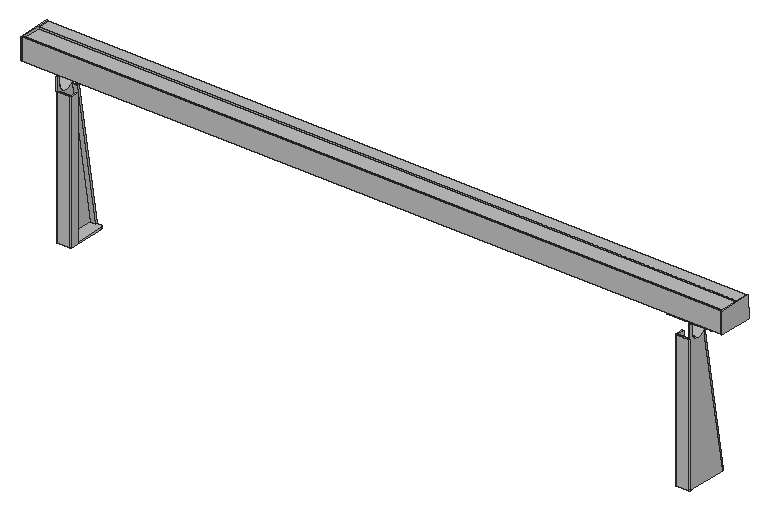
Revit family "4070762+4070747+4070772 Feilo Sylvania Lighting Fixtures CURSUS 1161MM 770LM WIDE LED 4K with SINGLE WALL HOUSING with 250MM WALL BRACKET", category Lighting Fixtures, host Face, Revit 2017
Family settings
  Host = Face
  Round Connector Dimension = Use Diameter
  Part Type = Normal
  OmniClass Number = 23.80.70.14
  OmniClass Title = Luminaries for External Lighting
  Cut with Voids When Loaded = Yes
  Light Source = No
  Shared = No
  Room Calculation Point = No
Parameters (values of type "4070762 CURSUS 1161MM 770LM WIDE LED 4K")
  Weight = "2.2 kg"
  Wattage Comments = "n/a"
  WarrantyStartDate [instance] = "n/a"
  WarrantyGuarantorParts = "n/a"
  WarrantyDurationUnit = "n/a"
  WarrantyDurationParts = "n/a"
  WarrantyDescription = "n/a"
  Voltage = 230 V
  URL = "http://www.sylvania-lighting.com"
  TypeName = "CURSUS 1161MM 770LM WIDE LED 4K"
  TypeFixture_FEILO = CURSUS with SINGLE WALL HOUSING : CURSUS 1161MM 770LM WIDE LED 4K
  Type Image = <None>
  Type Comments = "n/a"
  TiltAngle [instance] = 0.00°
  StartAngle [instance] = TiltAngle + 270.00°  # 270.00°
  SerialNumber [instance] = "n/a"
  ReflectorMaterial = none
  PowerFactor = 0
  PowerConsumption = "18 W"
  NominalLength = 1161 mm
  NominalHeight = 50 mm
  NominalDepth = 30 mm
  Name = "CURSUS 1161MM 770LM WIDE LED 4K"
  ModelReference = Name  # "CURSUS 1161MM 770LM WIDE LED 4K"
  ModelNumber = "4070762"
  Model = Name  # "CURSUS 1161MM 770LM WIDE LED 4K"
  Material = "natural anodised extruded aluminium structure housing"
  ManufacturerName = "Feilo Sylvania"
  Manufacturer = "Feilo Sylvania"
  LuminousEfficacy = "42.77 lm/W"
  LuminaireType = ""
  LightOutputRatio = "100"
  LampsType = Lamp  # "LED"
  LampNominalLuminous = "770 lm"
  LampMacAdamStep = "n/a"
  LampColourTemperature = "4000 K"
  LampColourRenderingIndex = "80"
  Lamp = "LED"
  Keynote = "16500"
  InstallationDate [instance] = "n/a"
  InputVoltage = "220-240V~"
  InputNominalFrequency = "n/a"
  IngressProtection = "IP67"
  ImpactProtectionIndex = "IK07"
  IfcExportType = "IfcLightFixtureType"
  IfcExportAs = "IfcLightFixtureType"
  ExpectedLife = 50000
  EndAngle [instance] = StartAngle - 180.00°  # 90.00°
  ElectricShockClassification = "Class III"
  DurationUnit = "hours"
  DocumentationLiterature = "http://www.sylvania-lighting.com/product/en-int/products/4070762"
  DimmingControlOptions = "n/a"
  DiffuserMaterial = Diffuser-Sylvania-Glow
  Description = "LED Exterior Lighting Recessed Surface Mounted Linear Fixture, Natural anodised extruded aluminium structure. Die-cast aluminium end caps. Installation kit with harmonic steel springs., 770 lm, 18W,  42lm/W, 4000K, CRI80+,non dimmable,IP67, IK07, (HxWxD) 1161x50x30mm, 3 step Mac Adam Ellipse, 2.2kg,, Classe III, 21-25V-DC, energy class : A++, A+, A"
  Default Elevation = 1219.2 mm
  CreatedOn = "1/8/2018"
  CreatedBy = ""
  Cost = 0
  built-in parameter 1114216 [instance] = (empty or 0)
  ClassificationValue = "EF_70_80"
  ClassificationName = "Uniclass2015"
  BracketWidth = 24 mm
  BracketThickness = 2 mm
  BracketHeightEnd = 32 mm
  BracketHeight = 70 mm
  BracketFlange = BracketHeight / 5  # 14 mm
  BracketExtension = 250 mm
  BracketEndReduction = 25 mm
  BracketC = 22 mm  # constant formula
  BracketDistance = 1030 mm
  BracketD = BracketHeightEnd - (BracketC * (BracketHeight - BracketHeightEnd) / (BracketExtension - BracketEndReduction))  # 28.284 mm
  BodyMaterial = Body-Sylvania-Gray
  BarCode [instance] = "n/a"
  AssetType = "Fixed"
  AssetIdentifier [instance] = "n/a"
  Assembly Code = "D5020200"
  Apparent Load = 18 VA
  AccessoryMaterial = Diffuser-Sylvania-Glow
Reference planes
  plane 1 "Center (Front/Back)": y = 0
  plane 2: z = 0
  plane 3 "Center (Left/Right)": x = 0
  plane 4: x = -527
  plane 5: x = 527
  plane 6: y = 70
  plane 7: x = -503
  plane 8: x = 503
  plane 9: z = 250
  plane 10: z = 236
  plane 11: z = 2
  plane 12: z = 225
  plane 13: x = -525
  plane 14: y = 68
  plane 15: y = 2
  plane 16: x = -505
  plane 17: x = 505
  plane 18: x = 525
  plane 19: x = -515
  plane 20: x = 515
  plane 21: y = 14
  plane 22: y = 32
  plane 23: y = 30
  plane 24: z = 247
  plane 25: y = 28.284
  plane 26: y = 16
Forms (mm)
  Blend 1, solid, material "Body-Sylvania-Gray" <- "BodyMaterial"
    base sketch origin (1223.4, -4572, 2) x (0, -1, 0) y (1, 0, 0)
      loop
        line (-4640, -1738.4) -> (-4642, -1738.4) -> (-4642, -1748.4)
        arc (-4642, -1748.4) -> (-4641.414, -1749.814) -> (-4640, -1750.4) r 2
        line (-4640, -1750.4) -> (-4574, -1750.4)
        arc (-4574, -1750.4) -> (-4572.586, -1749.814) -> (-4572, -1748.4) r 2
        line (-4572, -1748.4) -> (-4572, -1728.4)
        arc (-4572, -1728.4) -> (-4572.586, -1726.986) -> (-4574, -1726.4) r 2
        line (-4574, -1726.4) -> (-4586, -1726.4) -> (-4586, -1728.4) -> (-4574, -1728.4) -> (-4574, -1748.4) -> (-4640, -1748.4) -> (-4640, -1738.4)
    top sketch origin (1223.4, -4572, 2) x (0, -1, 0) y (1, 0, 0)
      loop
        line (-4586, -1728.4) -> (-4574, -1728.4) -> (-4574, -1748.4) -> (-4602, -1748.4) -> (-4602, -1738.4) -> (-4604, -1738.4) -> (-4604, -1748.4)
        arc (-4604, -1748.4) -> (-4603.52, -1749.71) -> (-4602.309, -1750.4) r 2.028
        line (-4602.309, -1750.4) -> (-4574, -1750.4)
        arc (-4574, -1750.4) -> (-4572.586, -1749.814) -> (-4572, -1748.4) r 2
        line (-4572, -1748.4) -> (-4572, -1728.4)
        arc (-4572, -1728.4) -> (-4572.586, -1726.986) -> (-4574, -1726.4) r 2
        line (-4574, -1726.4) -> (-4586, -1726.4) -> (-4586, -1728.4)
    from 0 to 223
  Extrusion 2, solid, material "Body-Sylvania-Gray" <- "BodyMaterial"
    sketch origin (0, 0, 0) x (1, 0, 0) y (0, 1, 0)
      loop
        arc (-525, 70) -> (-526.414, 69.414) -> (-527, 68) r 2
        line (-527, 68) -> (-527, 2)
        arc (-527, 2) -> (-526.414, 0.586) -> (-525, 0) r 2
        line (-525, 0) -> (-505, 0)
        arc (-505, 0) -> (-503.586, 0.586) -> (-503, 2) r 2
        line (-503, 2) -> (-503, 62.5)
        arc (-503, 62.5) -> (-505.197, 67.803) -> (-510.5, 70) r 7.5
        line (-510.5, 70) -> (-525, 70)
      loop
        line (525, 70) -> (510.5, 70)
        arc (510.5, 70) -> (505.197, 67.803) -> (503, 62.5) r 7.5
        line (503, 62.5) -> (503, 2)
        arc (503, 2) -> (503.586, 0.586) -> (505, 0) r 2
        line (505, 0) -> (525, 0)
        arc (525, 0) -> (526.414, 0.586) -> (527, 2) r 2
        line (527, 2) -> (527, 68)
        arc (527, 68) -> (526.414, 69.414) -> (525, 70) r 2
    from 0 to 2
  Blend 3, solid, material "Body-Sylvania-Gray" <- "BodyMaterial"
    base sketch origin (1223.4, -4572, 2) x (0, -1, 0) y (1, 0, 0)
      loop
        line (-4640, -698.4) -> (-4574, -698.4) -> (-4574, -718.4) -> (-4586, -718.4) -> (-4586, -720.4) -> (-4574, -720.4)
        arc (-4574, -720.4) -> (-4572.586, -719.814) -> (-4572, -718.4) r 2
        line (-4572, -718.4) -> (-4572, -698.4)
        arc (-4572, -698.4) -> (-4572.586, -696.986) -> (-4574, -696.4) r 2
        line (-4574, -696.4) -> (-4640, -696.4)
        arc (-4640, -696.4) -> (-4641.414, -696.986) -> (-4642, -698.4) r 2
        line (-4642, -698.4) -> (-4642, -708.4) -> (-4640, -708.4) -> (-4640, -698.4)
    top sketch origin (1223.4, -4572, 2) x (0, -1, 0) y (1, 0, 0)
      loop
        line (-4602, -708.4) -> (-4602, -698.4) -> (-4574, -698.4) -> (-4574, -718.4) -> (-4586, -718.4) -> (-4586, -720.4) -> (-4574, -720.4)
        arc (-4574, -720.4) -> (-4572.586, -719.814) -> (-4572, -718.4) r 2
        line (-4572, -718.4) -> (-4572, -698.4)
        arc (-4572, -698.4) -> (-4572.586, -696.986) -> (-4574, -696.4) r 2
        line (-4574, -696.4) -> (-4602, -696.4)
        arc (-4602, -696.4) -> (-4603.414, -696.986) -> (-4604, -698.4) r 2
        line (-4604, -698.4) -> (-4604, -708.4) -> (-4602, -708.4)
    from 0 to 223
  Blend 4, solid, material "Body-Sylvania-Gray" <- "BodyMaterial"
    base sketch origin (1223.4, -4572, 225) x (0, -1, 0) y (1, 0, 0)
      loop
        line (-4604, -1750.4) -> (-4572, -1750.4) -> (-4572, -1748.4) -> (-4604, -1748.4) -> (-4604, -1750.4)
    top sketch origin (1223.4, -4572, 225) x (0, -1, 0) y (1, 0, 0)
      loop
        line (-4572, -1750.4) -> (-4572, -1748.4) -> (-4600.284, -1748.4) -> (-4600.284, -1750.4) -> (-4572, -1750.4)
    from 0 to 22
  Blend 5, solid, material "Body-Sylvania-Gray" <- "BodyMaterial"
    base sketch origin (1223.4, -4572, 225) x (0, -1, 0) y (1, 0, 0)
      loop
        line (-4604, -698.4) -> (-4572, -698.4) -> (-4572, -696.4) -> (-4604, -696.4) -> (-4604, -698.4)
    top sketch origin (1223.4, -4572, 225) x (0, -1, 0) y (1, 0, 0)
      loop
        line (-4572, -696.4) -> (-4600.284, -696.4) -> (-4600.284, -698.4) -> (-4572, -698.4) -> (-4572, -696.4)
    from 0 to 22
  Extrusion 6, void
    sketch origin (0, 0, 0) x (0, 1, 0) y (0, 0, 1)
      loop
        line (0, 225) -> (2, 225) -> (2, 226.5) -> (0, 226.5) -> (0, 225)
      loop
        line (32, 225) -> (32, 226.5) -> (30, 226.5) -> (30, 225) -> (32, 225)
    from -527 to 527
  Revolve 7, solid, not visible
    sketch origin (1524, 16, 1219.2) x (1, 0, 0) y (0, 0, 1)
      loop
        line (-1524, -972.2) -> (-1524, -983.2) -> (-1009, -983.2) -> (-1009, -972.2) -> (-1524, -972.2)
      axis (-1009, -983.2) -> (-1524, -983.2)
    angle from 270 <- "StartAngle" to 90 <- "EndAngle"
Cuts and joins
  Extrusion 6 cuts Blend 4
  Extrusion 6 cuts Blend 5
  joined: Blend 1, Extrusion 2, Blend 3, Blend 4, Blend 5
Lines and regions (mm)
  reference lines, not visible
    curve 1: line (-503, 16, 236) -> (503, 16, 236)
Dimensions and locks
  equal spacing: plane 4, plane 3 "Center (Left/Right)", plane 5
  "BracketDistance": plane 19 to plane 20
  "BracketHeight": plane 1 "Center (Front/Back)" to plane 6
  equal spacing: plane 7, plane 3 "Center (Left/Right)", plane 8
  "BracketWidth": plane 4 to plane 7
  "BracketExtension": plane 9 to plane 2
  "BracketThickness": plane 11 to plane 2
  "BracketEndReduction": plane 9 to plane 12
  equal spacing: plane 13, plane 3 "Center (Left/Right)", plane 18
  equal spacing: plane 16, plane 3 "Center (Left/Right)", plane 17
  "BracketThickness": plane 4 to plane 13
  "BracketThickness": plane 16 to plane 7
  "BracketThickness": plane 14 to plane 6
  "BracketThickness": plane 1 "Center (Front/Back)" to plane 15
  equal spacing: plane 4, plane 19, plane 7
  equal spacing: plane 8, plane 20, plane 5
  "BracketFlange": plane 1 "Center (Front/Back)" to plane 21
  "BracketHeightEnd": plane 1 "Center (Front/Back)" to plane 22
  "BracketThickness": plane 23 to plane 22
  locked: Extrusion 2 sketch curve to plane 7 at 7.5
  locked: Extrusion 2 sketch curve to plane 6 at 7.5  (x2)
  locked: plane 8 to Extrusion 2 sketch curve at 7.5
  "BracketC": plane 24 to plane 12
  "BracketD": plane 1 "Center (Front/Back)" to plane 25
  locked: plane 12 to Extrusion 6 sketch curve at 1.5
  equal spacing: plane 24, plane 10, plane 12
  equal spacing: plane 1 "Center (Front/Back)", plane 26, plane 22
  aligned and locked: plane 2 to host face
  aligned and locked: level to host face
  aligned and locked: plane 4 to Blend 1 sketch curve  (x2)
  aligned and locked: plane 13 to Blend 1 sketch curve  (x3)
  aligned and locked: Blend 1 sketch curve to plane 15
  aligned and locked: Blend 1 sketch curve to plane 16
  aligned and locked: Blend 1 sketch curve to plane 21
  aligned and locked: plane 7 to Blend 1 sketch curve
  aligned and locked: plane 16 to Blend 1 sketch curve
  aligned and locked: plane 1 "Center (Front/Back)" to Blend 1 sketch curve
  aligned and locked: plane 14 to Blend 1 sketch curve
  aligned and locked: Blend 1 sketch curve to var sketch  (x6)
  aligned and locked: Blend 1 sketch curve to plane 19
  aligned and locked: Blend 1 sketch curve to plane 22
  aligned and locked: plane 23 to Blend 1 sketch curve
  aligned and locked: plane 11 to Blend 1
  aligned and locked: Extrusion 2 sketch curve to Blend 1  (x3)
  aligned and locked: Extrusion 2 to level
  aligned and locked: Extrusion 2 to plane 11
  aligned and locked: Extrusion 2 sketch curve to plane 7
  aligned and locked: plane 18 to Blend 3 sketch curve  (x4)
  aligned and locked: plane 14 to Blend 3 sketch curve  (x2)
  aligned and locked: Blend 3 sketch curve to plane 20
  aligned and locked: Blend 3 sketch curve to plane 6
  aligned and locked: plane 5 to Blend 3 sketch curve
  aligned and locked: plane 1 "Center (Front/Back)" to Blend 3 sketch curve
  aligned and locked: plane 15 to Blend 3 sketch curve  (x2)
  aligned and locked: Blend 3 sketch curve to plane 8
  aligned and locked: Blend 3 sketch curve to plane 21
  aligned and locked: plane 17 to Blend 3 sketch curve
  aligned and locked: Blend 3 sketch curve to plane 18
  aligned and locked: plane 20 to Blend 3 sketch curve  (x2)
  aligned and locked: Blend 3 sketch curve to plane 23
  aligned and locked: Blend 3 sketch curve to var sketch  (x8)
  aligned and locked: var sketch to Blend 3 sketch curve
  aligned and locked: plane 22 to Blend 3 sketch curve
  aligned and locked: plane 11 to Blend 3
  aligned and locked: Extrusion 2 sketch curve to Blend 3  (x4)
  aligned and locked: Blend 1 to plane 12
  aligned and locked: Blend 3 to plane 12
  aligned and locked: Blend 4 sketch curve to plane 22
  aligned and locked: Blend 4 sketch curve to cut or joined group of Blend 1, Extrusion 2, Blend 3, Blend 4, Blend 5, Extrusion 6  (x2)
  aligned and locked: cut or joined group of Blend 1, Extrusion 2, Blend 3, Blend 4, Blend 5, Extrusion 6 to Blend 4 sketch curve
  aligned and locked: Blend 4 sketch curve to var sketch  (x2)
  aligned and locked: Blend 4 sketch curve to plane 13
  aligned and locked: Blend 4 to plane 24
  aligned and locked: Blend 4 sketch curve to plane 25
  aligned and locked: Blend 5 sketch curve to plane 18  (x2)
  aligned and locked: plane 1 "Center (Front/Back)" to Blend 5 sketch curve
  aligned and locked: plane 5 to Blend 5 sketch curve
  aligned and locked: plane 22 to Blend 5 sketch curve
  aligned and locked: Blend 5 sketch curve to var sketch
  aligned and locked: var sketch to Blend 5 sketch curve
  aligned and locked: Blend 5 sketch curve to plane 25
  aligned and locked: Blend 5 to plane 24
  aligned and locked: plane 12 to Blend 5
  aligned and locked: Extrusion 6 sketch curve to cut or joined group of Blend 1, Extrusion 2, Blend 3, Blend 4, Blend 5, Extrusion 6  (x2)
  aligned and locked: Extrusion 6 sketch curve to Extrusion 6 sketch curve
  aligned and locked: Extrusion 6 sketch curve to plane 15
  aligned and locked: plane 5 to Extrusion 6
  aligned and locked: Extrusion 6 to plane 4
  aligned and locked: Extrusion 6 sketch curve to plane 23
  aligned and locked: Revolve 7 sketch curve to plane 10  (x2)
  aligned and locked: plane 24 to Revolve 7 sketch curve
  aligned and locked: plane 3 "Center (Left/Right)" to Revolve 7 sketch curve
  aligned and locked: Revolve 7 sketch curve to plane 20
  aligned and locked: plane 7 to curve 1
  aligned and locked: plane 10 to curve 1
  aligned and locked: nested 1 to plane 5
  aligned and locked: nested 2 to plane 4
  aligned and locked: nested 1 to curve 1
  aligned and locked: nested 2 to curve 1
  aligned and locked: nested 1 to nested 3
  aligned and locked: nested 3 to plane 3 "Center (Left/Right)"
Automatic sketch dimensions
  host sketch curve to host sketch curve = 2438.4 mm  (x2)
  Blend 1 sketch curve to plane 13 = 0 mm
  plane 15 to Blend 1 sketch curve = 0 mm  (x3)
  Blend 1 sketch curve to plane 23 = 0.309 mm
  plane 6 to Blend 1 sketch curve = 0 mm
  plane 14 to Blend 1 sketch curve = 0 mm
  Blend 1 sketch curve to plane 19 = 0 mm
  Blend 3 sketch curve to plane 17 = 0 mm
  Extrusion 6 sketch curve to plane 1 "Center (Front/Back)" = 0 mm
  plane 12 to Extrusion 6 sketch curve = 0 mm
  Revolve 7 sketch curve to plane 4 = 1153 mm
  plane 5 to Revolve 7 sketch curve = 1161.4 mm
  curve 1 to plane 8 = 0 mm
Nested families
  nested 1: "MountingPlate" at (526, 16, 236) x (-1, 0, 0) z (0, 0, 1), type "MountingPlate"
  nested 2: "MountingPlate" at (-526, 16, 236) x (-1, 0, 0) z (0, 0, 1), type "MountingPlate"
  nested 3: "CURSUS with SINGLE WALL HOUSING" at (0, -4, 254) x (-1, 0, 0) z (0, 0, 1), type <- "TypeFixture_FEILO", type "CURSUS 1161MM 770LM WIDE LED 4K"
    with WarrantyStartDate "n/a", SerialNumber "n/a", InstallationDate "n/a", EndCapRight yes, EndCapLeft yes, built-in parameter 1114216 (empty or 0), BarCode "n/a", AssetIdentifier "n/a"
Connectors
  electrical at (0, 0, 0), driven by "Voltage", driven by "Apparent Load", driven by "PowerFactor"
    settings: index 1, voltage 230 V, apparent load 18 VA, apparent load phase1 0 VA, apparent load phase2 0 VA, apparent load phase3 0 VA, power factor 0, load classification "Other", number of poles 1, system type 30, power factor state 1, is connector primary yes, connector utility no, sub classification motor no, connector description ""
Definition of nested family "MountingPlate"
  Parameters (values of type "MountingPlate")
    URL = "http://www.feilosylvania.com"
    Type Comments = "n/a"
    ReflectorMaterial = none
    MountingPlateWidth = 76 mm
    MountingPlateThickness = 2 mm
    MountingPlateRadiusBack = 12 mm
    MountingPlateRadius = 3 mm
    MountingPlateHeight = 35 mm
    Model = "n/a"
    Manufacturer = "Feilo Sylvania"
    Keynote = "n/a"
    DiffuserMaterial = none
    Description = "n/a"
    Default Elevation = 1219.2 mm
    Cost = 0
    BodyMaterial = none
    Assembly Code = "n/a"
    AccessoryMaterial = none
  Reference planes
    plane 1 "Center (Front/Back)": y = 0
    plane 2: z = 0
    plane 3 "Center (Left/Right)": x = 0
    plane 4: x = -38
    plane 5: x = 38
    plane 6: y = 17.5
    plane 7: y = -17.5
    plane 8: x = -3
    plane 9: x = 3
    plane 10: z = 18
    plane 11: z = 16
    plane 12: y = 12.5
    plane 13: y = -12.5
    plane 14: x = -1
    plane 15: x = 1
    plane 16: z = -12.5
    plane 17: z = -14.5
  Forms (mm)
    Extrusion 1, solid
      sketch origin (1.653, 0, 0) x (1, 0, 0) y (0, 1, 0)
        loop
          line (-1219.2, 1219.2) -> (-1219.2, -1219.2) -> (1219.2, -1219.2) -> (1219.2, 1219.2) -> (-1219.2, 1219.2)
      from 0 to -304.8
    Extrusion 2, solid, material <- "BodyMaterial"
      sketch origin (1218.4, -4572, 16) x (0, -1, 0) y (-1, 0, 0)
        loop
          line (-4589.5, 1253.4) -> (-4589.5, 1224.4)
          arc (-4589.5, 1224.4) -> (-4588.621, 1222.279) -> (-4586.5, 1221.4) r 3
          line (-4586.5, 1221.4) -> (-4557.5, 1221.4)
          arc (-4557.5, 1221.4) -> (-4555.379, 1222.279) -> (-4554.5, 1224.4) r 3
          line (-4554.5, 1224.4) -> (-4554.5, 1253.4)
          arc (-4554.5, 1253.4) -> (-4555.379, 1255.521) -> (-4557.5, 1256.4) r 3
          line (-4557.5, 1256.4) -> (-4586.5, 1256.4)
          arc (-4586.5, 1256.4) -> (-4588.621, 1255.521) -> (-4589.5, 1253.4) r 3
        loop
          arc (-4589.5, 1183.4) -> (-4588.621, 1181.279) -> (-4586.5, 1180.4) r 3
          line (-4586.5, 1180.4) -> (-4557.5, 1180.4)
          arc (-4557.5, 1180.4) -> (-4555.379, 1181.279) -> (-4554.5, 1183.4) r 3
          line (-4554.5, 1183.4) -> (-4554.5, 1212.4)
          arc (-4554.5, 1212.4) -> (-4555.379, 1214.521) -> (-4557.5, 1215.4) r 3
          line (-4557.5, 1215.4) -> (-4586.5, 1215.4)
          arc (-4586.5, 1215.4) -> (-4588.621, 1214.521) -> (-4589.5, 1212.4) r 3
          line (-4589.5, 1212.4) -> (-4589.5, 1183.4)
      from 0 to -2
    Extrusion 3, solid, material <- "BodyMaterial"
      sketch origin (0, 0, 0) x (1, 0, 0) y (0, 0, 1)
        loop
          line (-3, 18) -> (-3, -12.5) -> (-1, -12.5) -> (-1, 16)
          arc (-1, 16) -> (-1.586, 17.414) -> (-3, 18) r 2
        loop
          line (3, -12.5) -> (3, 18)
          arc (3, 18) -> (1.586, 17.414) -> (1, 16) r 2
          line (1, 16) -> (1, -12.5) -> (3, -12.5)
      from -12.5 to 12.5
    Extrusion 4, void
      sketch origin (0, 0, 0) x (0, 1, 0) y (0, 0, 1)
        loop
          line (-12.5, -0.5) -> (-17.5, -0.5) -> (-17.5, -14.5) -> (-0.5, -14.5) -> (-0.5, -12.5)
          arc (-0.5, -12.5) -> (-8.985, -8.985) -> (-12.5, -0.5) r 12
        loop
          line (0.5, -12.5) -> (0.5, -14.5) -> (17.5, -14.5) -> (17.5, -0.5) -> (12.5, -0.5)
          arc (12.5, -0.5) -> (8.985, -8.985) -> (0.5, -12.5) r 12
      from -3 to 3
  Cuts and joins
    Extrusion 4 cuts Extrusion 2
    Extrusion 4 cuts Extrusion 3
    joined: Extrusion 2, Extrusion 3
  Lines and regions (mm)
    reference lines
      curve 1: line (-38, 0, 0) -> (38, 0, 0)
  Dimensions and locks
    equal spacing: plane 4, plane 3 "Center (Left/Right)", plane 5
    "MountingPlateWidth": plane 4 to plane 5
    equal spacing: plane 7, plane 1 "Center (Front/Back)", plane 6
    "MountingPlateHeight": plane 7 to plane 6
    equal spacing: plane 8, plane 3 "Center (Left/Right)", plane 9
    "MountingPlateHeight": plane 4 to plane 8
    locked: plane 10 to plane 2 at 18
    "MountingPlateThickness": plane 10 to plane 11
    equal spacing: plane 13, plane 1 "Center (Front/Back)", plane 12
    locked: plane 13 to plane 12 at 25
    "MountingPlateRadius": plane 4 to Extrusion 2 sketch curve  (x2)
    "MountingPlateRadius": Extrusion 2 sketch curve to plane 6  (x4)
    "MountingPlateRadius": Extrusion 2 sketch curve to plane 8  (x2)
    "MountingPlateRadius": plane 7 to Extrusion 2 sketch curve  (x4)
    "MountingPlateRadius": plane 9 to Extrusion 2 sketch curve  (x2)
    "MountingPlateRadius": Extrusion 2 sketch curve to plane 5  (x2)
    equal spacing: plane 15, plane 3 "Center (Left/Right)", plane 14
    "MountingPlateThickness": plane 14 to plane 8
    locked: plane 2 to plane 16 at 12.5
    locked: plane 17 to plane 16 at 2
    "MountingPlateRadiusBack": plane 13 to Extrusion 4 sketch curve
    "MountingPlateRadiusBack": plane 16 to Extrusion 4 sketch curve  (x2)
    "MountingPlateRadiusBack": Extrusion 4 sketch curve to plane 12
    aligned and locked: plane 2 to Extrusion 1
    aligned and locked: level to Extrusion 1
    aligned and locked: Extrusion 2 sketch curve to plane 6
    aligned and locked: Extrusion 2 sketch curve to plane 4
    aligned and locked: plane 7 to Extrusion 2 sketch curve
    aligned and locked: plane 8 to Extrusion 2 sketch curve
    aligned and locked: plane 6 to Extrusion 2 sketch curve
    aligned and locked: Extrusion 2 sketch curve to plane 5
    aligned and locked: Extrusion 2 sketch curve to plane 7
    aligned and locked: plane 9 to Extrusion 2 sketch curve
    aligned and locked: Extrusion 2 to plane 10
    aligned and locked: plane 11 to Extrusion 2
    aligned and locked: Extrusion 3 sketch curve to Extrusion 2  (x2)
    aligned and locked: plane 16 to Extrusion 3 sketch curve  (x2)
    aligned and locked: plane 14 to Extrusion 3 sketch curve
    aligned and locked: plane 9 to Extrusion 3 sketch curve
    aligned and locked: plane 15 to Extrusion 3 sketch curve
    aligned and locked: Extrusion 3 to plane 12
    aligned and locked: plane 13 to Extrusion 3
    aligned and locked: plane 17 to Extrusion 4 sketch curve  (x2)
    aligned and locked: Extrusion 4 sketch curve to plane 7
    aligned and locked: Extrusion 4 sketch curve to plane 6
    aligned and locked: plane 9 to Extrusion 4
    aligned and locked: Extrusion 4 to plane 8
    aligned and locked: plane 4 to curve 1
    aligned and locked: curve 1 to level
  Automatic sketch dimensions
    Extrusion 1 sketch curve to Extrusion 1 sketch curve = 2438.4 mm  (x2)
    Extrusion 3 sketch curve to plane 11 = 0 mm
    curve 1 to plane 5 = 0 mm
    Extrusion 4 sketch curve to plane 13 = 0 mm
    Extrusion 4 sketch curve to plane 12 = 0 mm
Definition of nested family "CURSUS with SINGLE WALL HOUSING"
  Parameters (values of type "CURSUS 1161MM 827LM OVAL LED 3K")
    Width_FEILO = 35 mm
    Weight = "2.2 kg"
    Wattage Comments = "n/a"
    Wattage = 18 W
    WarrantyStartDate [instance] = "n/a"
    WarrantyGuarantorParts = "n/a"
    WarrantyDurationUnit = "n/a"
    WarrantyDurationParts = "n/a"
    WarrantyDescription = "n/a"
    WallThickness_FEILO = 2.5 mm
    built-in parameter 1150110 = 1 (stored number, unit not read)
    Voltage = 24 V
    URL = "http://www.feilosylvania.com"
    TypeName = "CURSUS 1161MM 827LM OVAL LED 3K"
    Type Image = (empty or 0)
    Type Comments = "n/a"
    built-in parameter 1114217 = 1 (stored number, unit not read)
    Tilt Angle = -90.00°
    built-in parameter 1150109 = 1 (stored number, unit not read)
    built-in parameter 1150134 = (empty or 0)
    built-in parameter 1150113 = 1 (stored number, unit not read)
    SerialNumber [instance] = "n/a"
    ReflectorMaterial = none
    PowerFactor = 0
    PowerConsumption = "18 W"
    Photometric Web File = "4070765.ies"
    NominalLength = 1161 mm
    NominalHeight = 50 mm
    NominalDepth = 30 mm
    Name = "CURSUS 1161MM 827LM OVAL LED 3K"
    ModelReference = Name  # "CURSUS 1161MM 827LM OVAL LED 3K"
    ModelNumber = ""
    Model = Name  # "CURSUS 1161MM 827LM OVAL LED 3K"
    Material = "natural anodised extruded aluminium structure housing, optical system with pmma lenses diffuser"
    ManufacturerName = "Feilo Sylvania"
    Manufacturer = "Feilo Sylvania"
    LuminousEfficacy = "45.94 lm/W"
    built-in parameter 1150105 = 1166.5 (stored number, unit not read)
    Lumens = 827 lm
    LuminaireType = ""
    built-in parameter 1150115 = 1 (stored number, unit not read)
    LightOutputRatio = "100"
    built-in parameter 1150137 = (empty or 0)
    built-in parameter 1150139 = (empty or 0)
    Length_FEILO = 1167 mm
    LampsType = Lamp  # "LED"
    LampNominalLuminous = "827 lm"
    LampMacAdamStep = "n/a"
    LampColourTemperature = "3000 K"
    LampColourRenderingIndex = "80"
    built-in parameter 1150112 = 1 (stored number, unit not read)
    built-in parameter 1150114 = 1 (stored number, unit not read)
    Lamp = "LED"
    Keynote = "16500"
    InstallationDate [instance] = "n/a"
    InputVoltage = "24V DC"
    InputNominalFrequency = "n/a"
    built-in parameter 1150132 = (empty or 0)
    built-in parameter 1150102 = (empty or 0)
    built-in parameter 1150107 = 3000 (stored number, unit not read)
    built-in parameter 1150138 = (empty or 0)
    IngressProtection = "IP67"
    ImpactProtectionIndex = "IK07"
    built-in parameter 1150106 = 11.665 (stored number, unit not read)
    IfcExportType = "IfcLightFixtureType"
    IfcExportAs = "IfcLightFixtureType"
    ExpectedLife = 50000
    EndCapRight [instance] = yes
    EndCapLeft [instance] = yes
    Emit from Rectangle Width = Width_FEILO - WallThickness_FEILO * 2  # 30 mm
    Emit from Rectangle Length = Length_FEILO - WallThickness_FEILO * 2  # 1162 mm
    Emit Shape Visible in Rendering = no
    ElectricShockClassification = "Class III"
    built-in parameter 1150104 = 4.2684 (stored number, unit not read)
    DurationUnit = "hours"
    DocumentationLiterature = "http://www.feilosylvania.com/product/en-int/products/4070765"
    DimmingControlOptions = "n/a"
    Dimming Lamp Color Temperature Shift = (empty or 0)
    DiffuserMaterial = none
    Description = "LED Exterior Lighting Recessed Surface Mounted Linear Fixture, Natural anodised extruded aluminium structure. Die-cast aluminium end caps. Installation kit with harmonic steel springs., 827 lm, 18W, 45lm/W, 3000K, CRI80+,non dimmable,IP67, IK07, (HxWxD) 1161x50x30mm, 3 step Mac Adam Ellipse, 2.2kg,, Classe III, 21-25V-DC, energy class : A++, A+, A"
    Default Elevation = 1219.2 mm
    CreatedOn = "1/8/2018"
    CreatedBy = "aron.fodor@feilosylvania.com"
    Cost = 0
    Color Filter = 16777215
    built-in parameter 1114216 [instance] = (empty or 0)
    ClassificationValue = "EF_70_80"
    ClassificationName = "Uniclass2015"
    BodyMaterial = none
    BarCode [instance] = "n/a"
    built-in parameter 1114218 = 1 (stored number, unit not read)
    built-in parameter 1150133 = 10 (stored number, unit not read)
    AssetType = "Fixed"
    AssetIdentifier [instance] = "n/a"
    Assembly Code = "D5020200"
    Apparent Load = 18 VA
    AccessoryMaterial = none
  Types (16, lengths in mm): name | Weight | Wattage | Voltage | TypeName | built-in parameter 1150134 | PowerConsumption | Photometric Web File | NominalLength | Name | ModelReference | Model | Material | LuminousEfficacy | built-in parameter 1150105 | Lumens | Length_FEILO | LampNominalLuminous | LampColourTemperature | InputVoltage | InputNominalFrequency | built-in parameter 1150107 | built-in parameter 1150106 | Emit from Rectangle Length | built-in parameter 1150104 | DocumentationLiterature | Description | Apparent Load
    CURSUS 1161MM 827LM OVAL LED 3K | "2.2 kg" | 18 W | 24 V | "CURSUS 1161MM 827LM OVAL LED 3K" | (empty or 0) | "18 W" | "4070765.ies" | 1161 | "CURSUS 1161MM 827LM OVAL LED 3K" | "CURSUS 1161MM 827LM OVAL LED 3K" | "CURSUS 1161MM 827LM OVAL LED 3K" | "natural anodised extruded aluminium structure housing, optical system with pmma lenses diffuser" | "45.94 lm/W" | 1166.5 (stored number, unit not read) | 827 lm | 1167 | "827 lm" | "3000 K" | "24V DC" | "n/a" | 3000 (stored number, unit not read) | 11.665 (stored number, unit not read) | 1162 | 4.2684 (stored number, unit not read) | "http://www.feilosylvania.com/product/en-int/products/4070765" | "LED Exterior Lighting Recessed Surface Mounted Linear Fixture, Natural anodised extruded aluminium structure. Die-cast aluminium end caps. Installation kit with harmonic steel springs., 827 lm, 18W, 45lm/W, 3000K, CRI80+,non dimmable,IP67, IK07, (HxWxD) 1161x50x30mm, 3 step Mac Adam Ellipse, 2.2kg,, Classe III, 21-25V-DC, energy class : A++, A+, A" | 18 VA
    CURSUS 1161MM 731LM WIDE LED 3K | "2.2 kg" | 18 W | 230 V | "CURSUS 1161MM 731LM WIDE LED 3K" | (empty or 0) | "18 W" | "4070764.ies" | 1161 | "CURSUS 1161MM 731LM WIDE LED 3K" | "CURSUS 1161MM 731LM WIDE LED 3K" | "CURSUS 1161MM 731LM WIDE LED 3K" | "natural anodised extruded aluminium structure housing" | "40.61 lm/W" | 403.47 (stored number, unit not read) | 731 lm | 1167 | "731 lm" | "3000 K" | "220-240V~" | "n/a" | 3000 (stored number, unit not read) | 4.0347 (stored number, unit not read) | 1162 | 3.7729 (stored number, unit not read) | "http://www.feilosylvania.com/product/en-int/products/4070764" | "LED Exterior Lighting Recessed Surface Mounted Linear Fixture, Natural anodised extruded aluminium structure. Die-cast aluminium end caps. Installation kit with harmonic steel springs., 731 lm, 18W, 40lm/W, 3000K, CRI80+,non dimmable,IP67, IK07, (HxWxD) 1161x50x30mm, 3 step Mac Adam Ellipse, 2.2kg,, Classe III, 21-25V-DC, energy class : A++, A+, A" | 18 VA
    CURSUS 1161MM 871LM OVAL LED 4K | "2.2 kg" | 18 W | 24 V | "CURSUS 1161MM 871LM OVAL LED 4K" | 12 | "18 W" | "4070763.ies" | 1161 | "CURSUS 1161MM 871LM OVAL LED 4K" | "CURSUS 1161MM 871LM OVAL LED 4K" | "CURSUS 1161MM 871LM OVAL LED 4K" | "natural anodised extruded aluminium structure housing, optical system with pmma lenses diffuser" | "48.38 lm/W" | 1192.8 (stored number, unit not read) | 871 lm | 1167 | "871 lm" | "4000 K" | "24V DC" | "50/60 Hz" | 4000 (stored number, unit not read) | 11.928 (stored number, unit not read) | 1162 | 4.4955 (stored number, unit not read) | "http://www.feilosylvania.com/product/en-int/products/4070763" | "LED Exterior Lighting Recessed Surface Mounted Linear Fixture, Natural anodised extruded aluminium structure. Die-cast aluminium end caps. Installation kit with harmonic steel springs., 871 lm, 18W,  48lm/W, 4000K, CRI80+,non dimmable,IP67, IK07, (HxWxD) 1161x50x30mm, 3 step Mac Adam Ellipse, 2.2kg,, Classe III, 21-25V-DC, energy class : A++, A+, A" | 18 VA
    CURSUS 1161MM 770LM WIDE LED 4K | "2.2 kg" | 18 W | 230 V | "CURSUS 1161MM 770LM WIDE LED 4K" | 12 | "18 W" | "4070762.ies" | 1161 | "CURSUS 1161MM 770LM WIDE LED 4K" | "CURSUS 1161MM 770LM WIDE LED 4K" | "CURSUS 1161MM 770LM WIDE LED 4K" | "natural anodised extruded aluminium structure housing" | "42.77 lm/W" | 424.94 (stored number, unit not read) | 770 lm | 1167 | "770 lm" | "4000 K" | "220-240V~" | "n/a" | 4000 (stored number, unit not read) | 4.2494 (stored number, unit not read) | 1162 | 3.9742 (stored number, unit not read) | "http://www.feilosylvania.com/product/en-int/products/4070762" | "LED Exterior Lighting Recessed Surface Mounted Linear Fixture, Natural anodised extruded aluminium structure. Die-cast aluminium end caps. Installation kit with harmonic steel springs., 770 lm, 18W,  42lm/W, 4000K, CRI80+,non dimmable,IP67, IK07, (HxWxD) 1161x50x30mm, 3 step Mac Adam Ellipse, 2.2kg,, Classe III, 21-25V-DC, energy class : A++, A+, A" | 18 VA
    CURSUS 876MM 620LM OVAL LED 3K | "1.7 kg" | 13.5 W | 24 V | "CURSUS 876MM 620LM OVAL LED 3K" | (empty or 0) | "13.5 W" | "4070758.ies" | 876 | "CURSUS 876MM 620LM OVAL LED 3K" | "CURSUS 876MM 620LM OVAL LED 3K" | "CURSUS 876MM 620LM OVAL LED 3K" | "natural anodised extruded aluminium structure housing, optical system with pmma lenses diffuser" | "45.92 lm/W" | 874.55 (stored number, unit not read) | 620 lm | 882 | "620 lm" | "3000 K" | "24V DC" | "50/60 Hz" | 3000 (stored number, unit not read) | 8.7455 (stored number, unit not read) | 877 | 4.2667 (stored number, unit not read) | "http://www.feilosylvania.com/product/en-int/products/4070758" | "LED Exterior Lighting Recessed Surface Mounted Linear Fixture, Natural anodised extruded aluminium structure. Die-cast aluminium end caps. Installation kit with harmonic steel springs., 620 lm, 13,5W, 45lm/W, 3000K, CRI80+,non dimmable,IP67, IK07, (HxWxD) 876x50x30mm, 3 step Mac Adam Ellipse, 1.7kg,, Classe III, 21-25V-DC, energy class : A++, A+, A" | 13.5 VA
    CURSUS 876MM 548LM WIDE LED 3K | "1.7 kg" | 13.5 W | 24 V | "CURSUS 876MM 548LM WIDE LED 3K" | (empty or 0) | "13.5 W" | "4070757.ies" | 876 | "CURSUS 876MM 548LM WIDE LED 3K" | "CURSUS 876MM 548LM WIDE LED 3K" | "CURSUS 876MM 548LM WIDE LED 3K" | "natural anodised extruded aluminium structure housing" | "40.59 lm/W" | 302.47 (stored number, unit not read) | 548 lm | 882 | "548 lm" | "3000 K" | "24V DC" | "n/a" | 3000 (stored number, unit not read) | 3.0247 (stored number, unit not read) | 877 | 3.7712 (stored number, unit not read) | "http://www.feilosylvania.com/product/en-int/products/4070757" | "LED Exterior Lighting Recessed Surface Mounted Linear Fixture, Natural anodised extruded aluminium structure. Die-cast aluminium end caps. Installation kit with harmonic steel springs., 548 lm, 13,5W, 40lm/W, 3000K, CRI80+,non dimmable,IP67, IK07, (HxWxD) 876x50x30mm, 3 step Mac Adam Ellipse, 1.7kg,, Classe III, 21-25V-DC, energy class : A++, A+, A" | 13.5 VA
    CURSUS 876MM 653LM OVAL LED 4K | "1.7 kg" | 13.5 W | 24 V | "CURSUS 876MM 653LM OVAL LED 4K" | 12 | "13.5 W" | "4070756.ies" | 876 | "CURSUS 876MM 653LM OVAL LED 4K" | "CURSUS 876MM 653LM OVAL LED 4K" | "CURSUS 876MM 653LM OVAL LED 4K" | "natural anodised extruded aluminium structure housing, optical system with pmma lenses diffuser" | "48.37 lm/W" | 894.28 (stored number, unit not read) | 653 lm | 882 | "653 lm" | "4000 K" | "24V DC" | "n/a" | 4000 (stored number, unit not read) | 8.9428 (stored number, unit not read) | 877 | 4.4938 (stored number, unit not read) | "http://www.feilosylvania.com/product/en-int/products/4070756" | "LED Exterior Lighting Recessed Surface Mounted Linear Fixture, Natural anodised extruded aluminium structure. Die-cast aluminium end caps. Installation kit with harmonic steel springs., 653 lm, 13,5W,  48lm/W, 4000K, CRI80+,non dimmable,IP67, IK07, (HxWxD) 876x50x30mm, 3 step Mac Adam Ellipse, 1.7kg,, Classe III, 21-25V-DC, energy class : A++, A+, A" | 13.5 VA
    CURSUS 876MM 577LM WIDE LED 4K | "1.7 kg" | 13.5 W | 24 V | "CURSUS 876MM 577LM WIDE LED 4K" | 12 | "13.5 W" | "4070755.ies" | 876 | "CURSUS 876MM 577LM WIDE LED 4K" | "CURSUS 876MM 577LM WIDE LED 4K" | "CURSUS 876MM 577LM WIDE LED 4K" | "natural anodised extruded aluminium structure housing" | "42.74 lm/W" | 318.43 (stored number, unit not read) | 577 lm | 882 | "577 lm" | "4000 K" | "24V DC" | "n/a" | 4000 (stored number, unit not read) | 3.1843 (stored number, unit not read) | 877 | 3.9707 (stored number, unit not read) | "http://www.feilosylvania.com/product/en-int/products/4070755" | "LED Exterior Lighting Recessed Surface Mounted Linear Fixture, Natural anodised extruded aluminium structure. Die-cast aluminium end caps. Installation kit with harmonic steel springs., 577 lm, 13,5W,  42lm/W, 4000K, CRI80+,non dimmable,IP67, IK07, (HxWxD) 876x50x30mm, 3 step Mac Adam Ellipse, 1.7kg,, Classe III, 21-25V-DC, energy class : A++, A+, A" | 13.5 VA
    CURSUS 591MM 414LM OVAL LED 3K | "1.2 kg" | 9 W | 24 V | "CURSUS 591MM 414LM OVAL LED 3K" | (empty or 0) | "9 W" | "4070751.ies" | 591 | "CURSUS 591MM 414LM OVAL LED 3K" | "CURSUS 591MM 414LM OVAL LED 3K" | "CURSUS 591MM 414LM OVAL LED 3K" | "natural anodised extruded aluminium structure housing, optical system with pmma lenses diffuser" | "46 lm/W" | 583.97 (stored number, unit not read) | 414 lm | 597 | "414 lm" | "3000 K" | "24V DC" | "n/a" | 3000 (stored number, unit not read) | 5.8397 (stored number, unit not read) | 592 | 4.2735 (stored number, unit not read) | "http://www.feilosylvania.com/product/en-int/products/4070751" | "LED Exterior Lighting Recessed Surface Mounted Linear Fixture, Natural anodised extruded aluminium structure. Die-cast aluminium end caps. Installation kit with harmonic steel springs., 414 lm, 9W, 46lm/W, 3000K, CRI80+,non dimmable,IP67, IK07, (HxWxD) 591x50x30mm, 3 step Mac Adam Ellipse, 1.2kg,, Classe III, 21-25V-DC, energy class : A++, A+, A" | 9 VA
    CURSUS 591MM 365LM WIDE LED 3K | "1.2 kg" | 9 W | 24 V | "CURSUS 591MM 365LM WIDE LED 3K" | (empty or 0) | "9 W" | "4070750.ies" | 591 | "CURSUS 591MM 365LM WIDE LED 3K" | "CURSUS 591MM 365LM WIDE LED 3K" | "CURSUS 591MM 365LM WIDE LED 3K" | "natural anodised extruded aluminium structure housing" | "40.55 lm/W" | 201.45 (stored number, unit not read) | 365 lm | 597 | "365 lm" | "3000 K" | "24V DC" | "n/a" | 3000 (stored number, unit not read) | 2.0145 (stored number, unit not read) | 592 | 3.7677 (stored number, unit not read) | "http://www.feilosylvania.com/product/en-int/products/4070750" | "LED Exterior Lighting Recessed Surface Mounted Linear Fixture, Natural anodised extruded aluminium structure. Die-cast aluminium end caps. Installation kit with harmonic steel springs., 365 lm, 9W, 40lm/W, 3000K, CRI80+,non dimmable,IP67, IK07, (HxWxD) 591x50x30mm, 3 step Mac Adam Ellipse, 1.2kg,, Classe III, 21-25V-DC, energy class : A++, A+, A" | 9 VA
    CURSUS 591MM 435LM OVAL LED 4K | "1.2 kg" | 9 W | 24 V | "CURSUS 591MM 435LM OVAL LED 4K" | 12 | "9 W" | "4070749.ies" | 591 | "CURSUS 591MM 435LM OVAL LED 4K" | "CURSUS 591MM 435LM OVAL LED 4K" | "CURSUS 591MM 435LM OVAL LED 4K" | "natural anodised extruded aluminium structure housing, optical system with pmma lenses diffuser" | "48.33 lm/W" | 595.73 (stored number, unit not read) | 435 lm | 597 | "435 lm" | "4000 K" | "24V DC" | "n/a" | 4000 (stored number, unit not read) | 5.9573 (stored number, unit not read) | 592 | 4.4903 (stored number, unit not read) | "http://www.feilosylvania.com/product/en-int/products/4070749" | "LED Exterior Lighting Recessed Surface Mounted Linear Fixture, Natural anodised extruded aluminium structure. Die-cast aluminium end caps. Installation kit with harmonic steel springs., 435 lm, 9W, 48lm/W, 4000K, CRI80+,non dimmable,IP67, IK07, (HxWxD) 591x50x30mm, 3 step Mac Adam Ellipse, 1.2kg,, Classe III, 21-25V-DC, energy class : A++, A+, A" | 9 VA
    CURSUS 591MM 385LM WIDE LED 4K | "1.2 kg" | 9 W | 24 V | "CURSUS 591MM 385LM WIDE LED 4K" | 12 | "9 W" | "4070748.ies" | 591 | "CURSUS 591MM 385LM WIDE LED 4K" | "CURSUS 591MM 385LM WIDE LED 4K" | "CURSUS 591MM 385LM WIDE LED 4K" | "natural anodised extruded aluminium structure housing" | "42.77 lm/W" | 212.47 (stored number, unit not read) | 385 lm | 597 | "385 lm" | "4000 K" | "24V DC" | "n/a" | 4000 (stored number, unit not read) | 2.1247 (stored number, unit not read) | 592 | 3.9742 (stored number, unit not read) | "http://www.feilosylvania.com/product/en-int/products/4070748" | "LED Exterior Lighting Recessed Surface Mounted Linear Fixture, Natural anodised extruded aluminium structure. Die-cast aluminium end caps. Installation kit with harmonic steel springs., 385 lm, 9W,  42lm/W, 4000K, CRI80+,non dimmable,IP67, IK07, (HxWxD) 591x50x30mm, 3 step Mac Adam Ellipse, 1.2kg,, Classe III, 21-25V-DC, energy class : A++, A+, A" | 9 VA
    CURSUS 306MM 207LM OVAL LED3K | "0.6 kg" | 4.5 W | 24 V | "CURSUS 306MM 207LM OVAL LED3K" | (empty or 0) | "4.5 W" | "4070744.ies" | 306 | "CURSUS 306MM 207LM OVAL LED3K" | "CURSUS 306MM 207LM OVAL LED3K" | "CURSUS 306MM 207LM OVAL LED3K" | "natural anodised extruded aluminium structure housing, optical system with pmma lenses diffuser" | "46 lm/W" | 291.98 (stored number, unit not read) | 207 lm | 312 | "207 lm" | "3000 K" | "24V DC" | "n/a" | 3000 (stored number, unit not read) | 2.9198 (stored number, unit not read) | 307 | 4.2735 (stored number, unit not read) | "http://www.feilosylvania.com/product/en-int/products/4070744" | "LED Exterior Lighting Recessed Surface Mounted Linear Fixture, Natural anodised extruded aluminium structure. Die-cast aluminium end caps. Installation kit with harmonic steel springs., 207 lm, 4,5W, 46lm/W, 3000K, CRI80+,non dimmable,IP67, IK07, (HxWxD) 306x50x30mm, 3 step Mac Adam Ellipse, 0.6kg,, Classe III, 21-25V-DC, energy class : A++, A+, A" | 4.5 VA
    CURSUS 306MM 183LM WIDE LED 3K | "0.6 kg" | 4.5 W | 24 V | "CURSUS 306MM 183LM WIDE LED 3K" | (empty or 0) | "4.5 W" | "4070743.ies" | 306 | "CURSUS 306MM 183LM WIDE LED 3K" | "CURSUS 306MM 183LM WIDE LED 3K" | "CURSUS 306MM 183LM WIDE LED 3K" | "natural anodised extruded aluminium structure housing" | "40.66 lm/W" | 101.01 (stored number, unit not read) | 183 lm | 312 | "183 lm" | "3000 K" | "24V DC" | "n/a" | 3000 (stored number, unit not read) | 1.0101 (stored number, unit not read) | 307 | 3.7781 (stored number, unit not read) | "http://www.feilosylvania.com/product/en-int/products/4070743" | "LED Exterior Lighting Recessed Surface Mounted Linear Fixture, Natural anodised extruded aluminium structure. Die-cast aluminium end caps. Installation kit with harmonic steel springs., 183 lm, 4,5W, 40lm/W, 3000K, CRI80+,non dimmable,IP67, IK07, (HxWxD) 306x50x30mm, 3 step Mac Adam Ellipse, 0.6kg,, Classe III, 21-25V-DC, energy class : A++, A+, A" | 4.5 VA
    CURSUS 306MM 218LM OVAL LED 4K | "0.6 kg" | 4.5 W | 24 V | "CURSUS 306MM 218LM OVAL LED 4K" | 12 | "4.5 W" | "4070742.ies" | 306 | "CURSUS 306MM 218LM OVAL LED 4K" | "CURSUS 306MM 218LM OVAL LED 4K" | "CURSUS 306MM 218LM OVAL LED 4K" | "natural anodised extruded aluminium structure housing, optical system with pmma lenses diffuser" | "48.44 lm/W" | 298.55 (stored number, unit not read) | 218 lm | 312 | "218 lm" | "4000 K" | "24V DC" | "n/a" | 4000 (stored number, unit not read) | 2.9855 (stored number, unit not read) | 307 | 4.5006 (stored number, unit not read) | "http://www.feilosylvania.com/product/en-int/products/4070742" | "LED Exterior Lighting Recessed Surface Mounted Linear Fixture, Natural anodised extruded aluminium structure. Die-cast aluminium end caps. Installation kit with harmonic steel springs., 218 lm, 4,5W,  48lm/W, 4000K, CRI80+,non dimmable,IP67, IK07, (HxWxD) 306x50x30mm, 3 step Mac Adam Ellipse, 0.6kg,, Classe III, 21-25V-DC, energy class : A++, A+, A" | 4.5 VA
    CURSUS 306MM 192LM WIDE LED 4K | "0.6 kg" | 4.5 W | 24 V | "CURSUS 306MM 192LM WIDE LED 4K" | 12 | "4.5 W" | "4070741.ies" | 306 | "CURSUS 306MM 192LM WIDE LED 4K" | "CURSUS 306MM 192LM WIDE LED 4K" | "CURSUS 306MM 192LM WIDE LED 4K" | "natural anodised extruded aluminium structure housing" | "42.66 lm/W" | 105.96 (stored number, unit not read) | 192 lm | 312 | "192 lm" | "4000 K" | "24V DC" | "n/a" | 4000 (stored number, unit not read) | 1.0596 (stored number, unit not read) | 307 | 3.9639 (stored number, unit not read) | "http://www.feilosylvania.com/product/en-int/products/4070741" | "LED Exterior Lighting Recessed Surface Mounted Linear Fixture, Natural anodised extruded aluminium structure. Die-cast aluminium end caps. Installation kit with harmonic steel springs., 192 lm, 4,5W,  42lm/W, 4000K, CRI80+,non dimmable,IP67, IK07, (HxWxD) 306x50x30mm, 3 step Mac Adam Ellipse, 0.6kg,, Classe III, 21-25V-DC, energy class : A++, A+, A" | 4.5 VA
  Reference planes
    plane 1 "Center (Front/Back)": y = 0
    plane 2: z = 0
    plane 3 "Center (Left/Right)": x = 0
    plane 4: x = 583.5
    plane 5: x = -583.5
    plane 6: x = -581
    plane 7: x = 581
    plane 8: z = 35
    plane 9: z = 17.5
    plane 10: z = 32.5
    plane 11: z = 2.5
    plane 12: z = 30
    plane 13: z = 5
    plane 14: y = -55
    plane 15: y = -53
    plane 16: y = -2.5
    plane 17: y = -37
    plane 18: y = -34.5
  Forms (mm)
    Extrusion 1, solid
      sketch origin (4.2, 0, 0) x (1, 0, 0) y (0, 1, 0)
        loop
          line (-1219.2, 1219.2) -> (-1219.2, -1219.2) -> (1219.2, -1219.2) -> (1219.2, 1219.2) -> (-1219.2, 1219.2)
      from 0 to -304.8
    Extrusion 2, solid, material <- "BodyMaterial"
      sketch origin (0, 0, 0) x (0, 1, 0) y (0, 0, 1)
        loop
          line (0, 35) -> (-2.5, 35) -> (-2.5, 32.5) -> (-34.5, 32.5) -> (-34.5, 35) -> (-55, 35) -> (-55, 32.5) -> (-37, 32.5) -> (-37, 30) -> (-2.5, 30) -> (-2.5, 5) -> (-37, 5) -> (-37, 2.5) -> (-55, 2.5) -> (-55, 0) -> (-34.5, 0) -> (-34.5, 2.5) -> (-2.5, 2.5) -> (-2.5, 0) -> (0, 0) -> (0, 35)
      from -581 to 581
    Extrusion 3, solid, material <- "DiffuserMaterial"
      sketch origin (0, 0, 0) x (0, 1, 0) y (0, 0, 1)
        loop
          line (-37, 32.5) -> (-55, 32.5) -> (-55, 19.5) -> (-53, 17.5) -> (-55, 15.5) -> (-55, 2.5) -> (-37, 2.5) -> (-37, 32.5)
      from -581 to 581
    Extrusion 4, solid, material <- "BodyMaterial", visible <- "EndCapRight"
      sketch origin (581, 1524, 1219.2) x (0, 1, 0) y (0, 0, 1)
        loop
          line (-1579, -1184.2) -> (-1579, -1219.2) -> (-1524, -1219.2) -> (-1524, -1184.2) -> (-1579, -1184.2)
      from 0 to 2.5
    Extrusion 5, solid, material <- "BodyMaterial", visible <- "EndCapLeft"
      sketch origin (-581, 1524, 1219.2) x (0, 1, 0) y (0, 0, 1)
        loop
          line (-1579, -1184.2) -> (-1579, -1219.2) -> (-1524, -1219.2) -> (-1524, -1184.2) -> (-1579, -1184.2)
      from -2.5 to 0
  Dimensions and locks
    equal spacing: plane 5, plane 3 "Center (Left/Right)", plane 4
    "Length_FEILO": plane 5 to plane 4
    equal spacing: plane 6, plane 3 "Center (Left/Right)", plane 7
    "WallThickness_FEILO": plane 5 to plane 6
    locked: plane 9 to plane 2 at 17.5
    locked: plane 8 to plane 2 at 35
    equal spacing: plane 11, plane 9, plane 10
    equal spacing: plane 13, plane 9, plane 12
    "WallThickness_FEILO": plane 12 to plane 10
    locked: plane 14 to plane 15 at 2
    locked: plane 14 to plane 17 at 18
    "WallThickness_FEILO": plane 17 to plane 18
    "WallThickness_FEILO": plane 16 to plane 1 "Center (Front/Back)"
    locked: plane 15 to Extrusion 3 sketch curve (angle 45.00°)
    locked: Extrusion 3 sketch curve to plane 15 (angle 45.00°)
    aligned and locked: plane 2 to Extrusion 1
    aligned and locked: level to Extrusion 1
    aligned and locked: plane 1 "Center (Front/Back)" to Extrusion 2 sketch curve
    aligned and locked: Extrusion 2 sketch curve to plane 8  (x2)
    aligned and locked: plane 16 to Extrusion 2 sketch curve
    aligned and locked: Extrusion 1 to Extrusion 2 sketch curve
    aligned and locked: Extrusion 2 sketch curve to plane 16  (x2)
    aligned and locked: Extrusion 2 sketch curve to plane 11
    aligned and locked: plane 18 to Extrusion 2 sketch curve
    aligned and locked: level to Extrusion 2 sketch curve
    aligned and locked: plane 11 to Extrusion 2 sketch curve
    aligned and locked: Extrusion 2 sketch curve to plane 17
    aligned and locked: plane 13 to Extrusion 2 sketch curve
    aligned and locked: Extrusion 2 sketch curve to plane 12
    aligned and locked: plane 10 to Extrusion 2 sketch curve  (x2)
    aligned and locked: plane 17 to Extrusion 2 sketch curve  (x2)
    aligned and locked: plane 12 to Extrusion 2 sketch curve
    aligned and locked: Extrusion 2 sketch curve to plane 10
    aligned and locked: Extrusion 2 sketch curve to plane 18
    aligned and locked: plane 7 to Extrusion 2
    aligned and locked: Extrusion 2 to plane 6
    aligned and locked: Extrusion 3 sketch curve to Extrusion 2  (x4)
    aligned and locked: Extrusion 2 to Extrusion 3 sketch curve
    aligned and locked: plane 9 to Extrusion 3 sketch curve
    aligned and locked: plane 7 to Extrusion 3
    aligned and locked: Extrusion 3 to plane 6
    aligned and locked: Extrusion 4 sketch curve to Extrusion 2  (x4)
    aligned and locked: plane 4 to Extrusion 4
    aligned and locked: Extrusion 4 to plane 7
    aligned and locked: Extrusion 5 sketch curve to Extrusion 4  (x3)
    aligned and locked: Extrusion 5 sketch curve to Extrusion 2
    aligned and locked: Extrusion 5 to plane 5
    aligned and locked: plane 6 to Extrusion 5
    aligned and locked: plane 14 to imposter light
    aligned and locked: imposter light to plane 9
    aligned and locked: plane 3 "Center (Left/Right)" to imposter light
  Automatic sketch dimensions
    Extrusion 1 sketch curve to Extrusion 1 sketch curve = 2438.4 mm  (x2)
    Extrusion 2 sketch curve to plane 14 = 0 mm  (x2)
    Extrusion 3 sketch curve to plane 15 = 0 mm
  Connectors
    electrical at (0, 0, 0), driven by "Apparent Load", driven by "PowerFactor", driven by "Voltage"
      settings: index 1, voltage 24 V, apparent load 18 VA, apparent load phase1 0 VA, apparent load phase2 0 VA, apparent load phase3 0 VA, power factor 0, load classification none, number of poles 1, system type 30, power factor state 1, is connector primary yes, connector utility no, sub classification motor no, connector description ""
